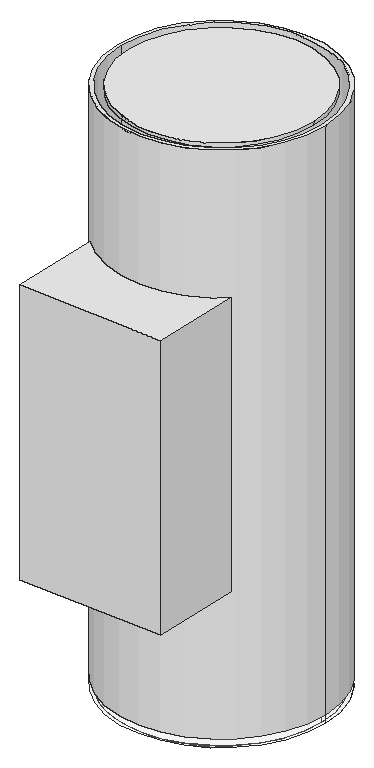
Revit family "Arandela - Cilíndrica", category Luminárias, Revit 2019
Family settings
  Hospedeiro = Parede
  Cota do conector redondo = Utilizar diâmetro
  Tipo de parte = Normal
  Número OmniClass = 23.80.70.00
  Título OmniClass = Lighting
  Sempre na vertical = Sim
  Corte com vazios quando carregada = Não
  Fonte luminosa = Sim
  Compartilhado = Não
  Ponto de cálculo do ambiente = Não
Parameters (values of type "124x315mm-100W")
  Wattage = 100 W
  built-in parameter 1150110 = 1 (stored number, unit not read)
  built-in parameter 1114217 = 1 (stored number, unit not read)
  Tilt Angle = 90.00°
  Espessura da montagem = 36 mm
  Ângulo do ponto do campo = 30.00°
  Ângulo do ponto da viga = 15.00°
  Material de sombra = Vidro, Branco, Alta Luminosidade
  R3 = R2 - 5 mm  # 55 mm
  R2 = R1 - 2 mm  # 60 mm
  R1 = Largura / 2  # 62 mm
  Comprimento do símbolo da fonte luminosa = Altura de montagem  # 2200 mm
  Altura = 315 mm
  built-in parameter 1150109 = 1 (stored number, unit not read)
  built-in parameter 1150134 = (empty or 0)
  built-in parameter 1150113 = 1 (stored number, unit not read)
  Altura de montagem = 2200 mm
  Material da luminária = Metal - Alum
  Lumens = 14854.2 lm
  built-in parameter 1150115 = 1 (stored number, unit not read)
  built-in parameter 1150105 = 205177.2 (stored number, unit not read)
  built-in parameter 1150137 = (empty or 0)
  built-in parameter 1150139 = (empty or 0)
  built-in parameter 1150112 = 1 (stored number, unit not read)
  built-in parameter 1150114 = 1 (stored number, unit not read)
  built-in parameter 1150132 = (empty or 0)
  built-in parameter 1150102 = (empty or 0)
  built-in parameter 1150138 = (empty or 0)
  built-in parameter 1150107 = 3000 (stored number, unit not read)
  built-in parameter 1150106 = 2051.8 (stored number, unit not read)
  built-in parameter 1150104 = 13.8 (stored number, unit not read)
  Dimming Lamp Color Temperature Shift = (empty or 0)
  Largura = 124 mm
  Color Filter = 16777215
  built-in parameter 1114218 = 1 (stored number, unit not read)
  built-in parameter 1150133 = 10 (stored number, unit not read)
Reference planes
  plane 1: y = 0
  plane 2 "Eixo de origem da luz (E/D)": x = 125
  plane 3 "Eixo da fonte de luz (F/T)": y = 173
  plane 4 "Elevação da origem da luz": z = 2200
  plane 5: z = 2357.5
  plane 6: z = 2042.5
  plane 7: z = 0
  plane 8: x = 187
  plane 9: x = 63
  plane 10: y = 111
  plane 11: z = 2278.75
  plane 12: z = 2121.25
  plane 13: y = 235
  plane 14: z = 2355.5
  plane 15: x = 83
  plane 16: x = 167
  plane 17: z = 2044.5
  plane 18: z = 2037.5
Forms (mm)
  Extrusion 1, solid, material "Metal - Alum" <- "Material da luminária"
    sketch origin (0, 0, 2200) x (1, 0, 0) y (0, 1, 0)
      loop
        circle (125, 173) r 62
      loop
        circle (125, 173) r 60
    from -157.5 to 157.5
  Extrusion 2, solid, material "Metal - Alum" <- "Material da luminária"
    sketch origin (0, 0, 2200) x (1, 0, 0) y (0, 1, 0)
      loop
        circle (125, 173) r 55
    from 155.5 to 157.5
  Extrusion 3, solid, material "Metal - Alum" <- "Material da luminária"
    sketch origin (0, 0, 2200) x (1, 0, 0) y (0, 1, 0)
      loop
        line (83, 75) -> (167, 75) -> (167, 127.393)
        arc (167, 127.393) -> (125, 111) -> (83, 127.393) r 62
        line (83, 127.393) -> (83, 75)
    from -78.75 to 78.75
  Extrusion 4, solid, material "Vidro, Branco, Alta Luminosidade" <- "Material de sombra"
    sketch origin (0, 0, 2200) x (1, 0, 0) y (0, 1, 0)
      loop
        circle (125, 173) r 55
    from -157.5 to -155.5
  Extrusion 5, solid, material "Metal - Alum" <- "Material da luminária"
    sketch origin (0, 0, 2200) x (1, 0, 0) y (0, 1, 0)
      loop
        circle (125, 173) r 55
      loop
        circle (125, 173) r 60
    from -157.5 to -155.5
  Extrusion 6, solid, material "Vidro, Branco, Alta Luminosidade"
    sketch origin (0, 0, 2200) x (1, 0, 0) y (0, 1, 0)
      loop
        circle (125, 173) r 60
      loop
        circle (125, 173) r 62
    from -157.5 to -162.5
Cuts and joins
  joined: Extrusion 1, Extrusion 2, Extrusion 5
Text (mm)
  text "Lado da coloca玢o" at (-1787.139, 1116.779, 0), in view "Nível de referência"
  text "Lado da coloca玢o" at (0, 2110.396, 2986.058), in view "Esquerda"
  text "Lado da coloca玢o" at (0, 628.478, 3011.967), in view "Direita"
Dimensions and locks
  "Altura de montagem": plane 7 to plane 4 "Elevação da origem da luz"
  equal spacing: plane 6, plane 4 "Elevação da origem da luz", plane 5
  "Altura": plane 6 to plane 5
  equal spacing: plane 9, plane 2 "Eixo de origem da luz (E/D)", plane 8
  "Largura": plane 9 to plane 8
  equal spacing: plane 13, plane 3 "Eixo da fonte de luz (F/T)", plane 10
  "Largura": plane 13 to plane 10
  locked: plane 14 to plane 5 at 2
  locked: plane 9 to plane 15 at 20
  locked: plane 16 to plane 8 at 20
  locked: plane 6 to plane 17 at 2
  "Espessura da montagem": plane 10 to host wall
  equal spacing: plane 4 "Elevação da origem da luz", plane 11, plane 5
  equal spacing: plane 6, plane 12, imposter light
  locked: plane 6 to plane 18 at 5
  "R1": radius of Extrusion 1 sketch curve
  "R2": radius of Extrusion 1 sketch curve
  "R3": radius of Extrusion 2 sketch curve
  "R1": radius of Extrusion 3 sketch curve
  "R3": radius of Extrusion 4 sketch curve
  "R2": radius of Extrusion 5 sketch curve
  "R3": radius of Extrusion 5 sketch curve
  "R1": radius of Extrusion 6 sketch curve
  "R2": radius of Extrusion 6 sketch curve
  aligned and locked: plane 1 to host wall
  aligned and locked: plane 2 "Eixo de origem da luz (E/D)" to imposter light
  aligned and locked: plane 3 "Eixo da fonte de luz (F/T)" to imposter light
  aligned and locked: plane 4 "Elevação da origem da luz" to imposter light
  aligned and locked: level to plane 7
  aligned and locked: plane 3 "Eixo da fonte de luz (F/T)" to Extrusion 1 sketch curve  (x2)
  aligned and locked: imposter light to Extrusion 1 sketch curve  (x2)
  aligned and locked: plane 5 to Extrusion 1
  aligned and locked: plane 6 to Extrusion 1
  aligned and locked: plane 2 "Eixo de origem da luz (E/D)" to Extrusion 2 sketch curve
  aligned and locked: plane 3 "Eixo da fonte de luz (F/T)" to Extrusion 2 sketch curve
  aligned and locked: Extrusion 2 to plane 14
  aligned and locked: plane 5 to Extrusion 2
  aligned and locked: plane 16 to Extrusion 3 sketch curve
  aligned and locked: Extrusion 3 sketch curve to plane 15
  aligned and locked: Extrusion 3 sketch curve to host wall
  aligned and locked: plane 3 "Eixo da fonte de luz (F/T)" to Extrusion 3 sketch curve
  aligned and locked: plane 2 "Eixo de origem da luz (E/D)" to Extrusion 3 sketch curve
  aligned and locked: Extrusion 3 to plane 12
  aligned and locked: plane 11 to Extrusion 3
  aligned and locked: plane 3 "Eixo da fonte de luz (F/T)" to Extrusion 4 sketch curve
  aligned and locked: plane 2 "Eixo de origem da luz (E/D)" to Extrusion 4 sketch curve
  aligned and locked: plane 17 to Extrusion 4
  aligned and locked: plane 6 to Extrusion 4
  aligned and locked: plane 3 "Eixo da fonte de luz (F/T)" to Extrusion 5 sketch curve  (x2)
  aligned and locked: plane 2 "Eixo de origem da luz (E/D)" to Extrusion 5 sketch curve  (x2)
  aligned and locked: plane 6 to Extrusion 5
  aligned and locked: plane 17 to Extrusion 5
  aligned and locked: Extrusion 6 to plane 6
  aligned and locked: Extrusion 6 to plane 18
  aligned and locked: imposter light to Extrusion 6 sketch curve  (x4)
